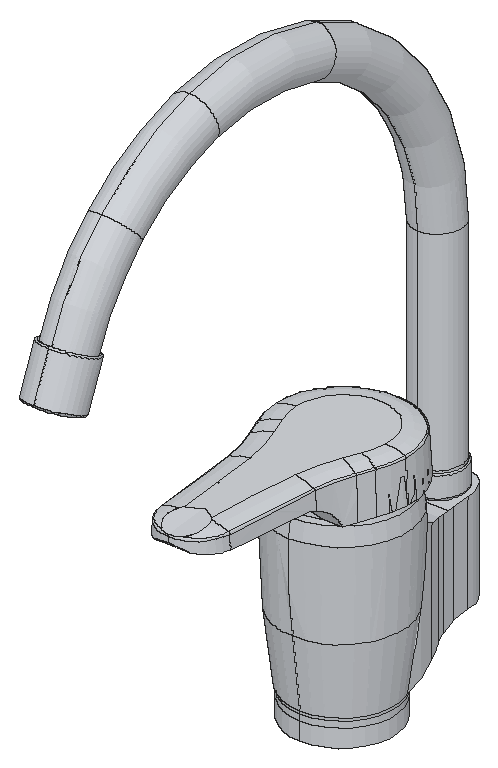
Revit family "Faucet-Kitchen-KOHLER-CANDIDE-K-668T_1", category Plumbing Fixtures, host Face, Revit 2017
Family settings
  Host = Face
  Round Connector Dimension = Use Diameter
  Part Type = Normal
  OmniClass Number = 23.31.11.00
  OmniClass Title = Faucets
  Cut with Voids When Loaded = No
  Shared = No
  Room Calculation Point = No
Parameters (values of type "CP-Polished Chrome")
  Width = 2 119/256"  # constant formula
  WaterSense Certified = 1 = 0  # no
  Waste Water Outlet = "Waste Water Outlet"  # constant formula
  Waste Connection = 1 = 0  # no
  Vent Connection = 1 = 0  # no
  URL = "http://www.kohler.com.cn/"
  Type = 1
  Spout Reach = 6 117/256"  # constant formula
  Product Page URL = "https://www.kohler.com.cn/product/K-668T-B-CP/K-668T-B-CP/"
  Product Name = "CANDIDE"  # constant formula
  Product Documentation Link = "https://files.kohler.com.cn/pdfs/k_668t_1.pdf"
  Pressure = 0.00 psi
  Model = "K-668T-B-CP"  # constant formula
  Material = "Premium Metal Construction"  # constant formula
  Master Format 2014 Name = "Residential Faucets, Supplies, and Trim"  # constant formula
  Master Format 2014 = "22 41 39"  # constant formula
  Manufacturer Address = "Kohler Beijing Office (100016) 36-2-03-B, No. 88, Liuxiang Road, Beijing"  # constant formula
  Manufacturer = "KOHLER Co."  # constant formula
  Length = Spout Reach  # 6 117/256"
  Hot Water Inlet = "Hot Water Inlet"  # constant formula
  Height = 11 167/256"  # constant formula
  Handle Clearance = 3 115/128"  # constant formula
  HW Connection = 1 = 1  # yes
  Flow Rate = 0 GPM
  Finish = Kohler-Metal-CP-Polished_Chrome
  Environmental Product Declaration = ""
  Drain Included = 1 = 0  # no
  Description = "Single lever kitchen faucet"  # constant formula
  Default Elevation = 36"
  Declare Label = ""
  Date Modified = "08/26/2020"  # constant formula
  Date Created = "08/26/2020"  # constant formula
  Copyright = "Copyright KOHLER Co."  # constant formula
  Contact Us = "http://www.kohler.com.cn/contact/contact-us/"
  Cold Water Inlet = "Cold Water Inlet"  # constant formula
  CW Connection = 1 = 1  # yes
  Assembly Code = "D2010"
  ADA Compliant = 1 = 0  # no
Reference planes (in)
  plane 1 "Center (Front/Back)": y = 0
  plane 2: z = 0
  plane 3 "Center (Left/Right)": x = 0
  plane 4: y = 2.7107192
  plane 5: y = -6.9523039
  plane 6: y = 1.2529744
  plane 7: y = -1.2529744
  plane 8: x = -1.2320713
  plane 9: x = 1.2327724
  plane 10: z = 11.6523437
  plane 11: z = 7.7952756
  plane 12: y = -6.4570313
  plane 13: y = 0.9130575
  plane 14: y = -0.9579793
  plane 15: z = 4.6703909
  plane 16: z = 3.8355063
  plane 17: y = -3.8984375
  plane 18: x = -0.9355469
  plane 19: x = 0.9355469
  plane 20: x = -0.4319135
  plane 21: x = 0.4319135
  plane 22: x = -0.4921081
  plane 23: x = 0.4921081
  plane 24: y = 2.5482999
  plane 25: y = 1.6821071
  plane 26: y = 2.5876289
  plane 27: y = 1.6427782
  plane 28: z = 3.1956456
Dimensions and locks (in)
  "Handle Clearance": plane 1 "Center (Front/Back)" to plane 17
  plane 11 to level = 7.79528"
  "Spout Reach": nested 1 to plane 12
  plane 15 to level = 4.67039"
  "Length": plane 12 to plane 1 "Center (Front/Back)"
  "Height": plane 10 to level
  locked: plane 18 to plane 19 at 1.8710937
  "Width": plane 8 to plane 9
  aligned and locked: plane 2 to host face
  aligned and locked: level to host face
Automatic sketch dimensions
  host sketch curve to host sketch curve = 96"  (x2)
Nested families (in)
  nested 1: "K-668T" at (0, 0, 0), type "K-668T"
Connectors (in)
  piping at (-0.4921081, 0, 0), diameter 0.5, driven by "Flow Rate", driven by "HW Connection", driven by "Hot Water Inlet"
    settings: on nested 1, index 1, connector inside diameter 24", connector length 0", flow factor 0, pipe flow 0 GPM, pressure drop 0.00 psi, fitting loss kfactor 0, connector angle 0.00°, fixture units 0, engagement length 0", angle of deflection 0.00°, flow configuration 0, flow direction 1, fitting loss method 0, system type 19, joint type 0, gender type 0, connector reference index -1, connector utility 1, adjustable connector no, is connector primary yes, connector description "Hot Water Inlet"
  piping at (0.4921081, 0, 0), diameter 0.5, driven by "Flow Rate", driven by "CW Connection", driven by "Cold Water Inlet"
    settings: on nested 1, index 2, connector inside diameter 24", connector length 0", flow factor 0, pipe flow 0 GPM, pressure drop 0.00 psi, fitting loss kfactor 0, connector angle 0.00°, fixture units 0, engagement length 0", angle of deflection 0.00°, flow configuration 0, flow direction 1, fitting loss method 0, system type 20, joint type 0, gender type 0, connector reference index -1, connector utility 1, adjustable connector no, is connector primary no, connector description "Cold Water Inlet"
Definition of nested family "K-668T"
  Parameters (values of type "K-668T")
    Material = none
  Reference planes (in)
    plane 1 "Center (Front/Back)": y = 0
    plane 2: z = 0
    plane 3 "Center (Left/Right)": x = 0
    plane 4: z = 11.6535433
    plane 5: y = -6.4566929
    plane 6: z = 4.6703909
    plane 7: z = 7.7952756
    plane 8: y = 2.7107192
    plane 9: y = 2.5876289
    plane 10: y = 2.5482999
    plane 11: y = 2.1249691
    plane 12: y = 1.2527038
    plane 13: x = -0.4330121
    plane 14: x = 0.4330121
    plane 15: y = -6.9511514
    plane 16: z = 8.8410068
    plane 17: z = 8.8015103
    plane 18: z = 8.0030821
    plane 19: z = 7.9523007
    plane 20: z = 7.6162777
    plane 21: z = 7.6670591
    plane 22: x = -0.4921081
    plane 23: x = 0.4921081
    plane 24: x = 0.9355125
    plane 25: x = -0.9355125
    plane 26: y = 1.6427782
    plane 27: y = 1.6821071
    plane 28: y = 0.9130575
    plane 29: y = -0.9599325
    plane 30: x = -1.2320713
    plane 31: x = 1.2330479
    plane 32: z = 3.8355063
    plane 33: y = -3.8975901
    plane 34: y = -1.2124824
    plane 35: z = 2.7822491
    plane 36: z = 3.1956456
    plane 37: z = 4.2976343
  Forms (in)
    Sweep 1, solid, material <- "Material", detail levels medium+fine
      path origin (0, -0.0170898, 0) x (0, 1, 0) y (0, 0, 1)
        loop
          line (1.7028033, 3.1423734) -> (1.7028033, 3.2350153) -> (1.7028033, 7.0303373)
          arc (1.7028033, 7.0303373) -> (1.0013905, 9.2082996) -> (-0.8392009, 10.5676093) r 3.73211
          arc (-0.8392009, 10.5676093) -> (-2.0100515, 10.7791332) -> (-3.1922794, 10.6450782) r 4.0941936
          arc (-3.1922794, 10.6450782) -> (-4.0500731, 10.3032866) -> (-4.8015604, 9.7667249) r 3.8425359
          arc (-4.8015604, 9.7667249) -> (-5.346136, 9.1375652) -> (-5.7302313, 8.3994085) r 3.5691785
      profile origin (0, 1.6857135, 5.1326763) x (0, -1, 0) y (1, 0, 0)
        loop
          circle (-0.4303468, 0) r 0.4319193
    Revolve 2, solid, material <- "Material", detail levels medium+fine
      sketch origin (0, -0.0112305, 0) x (0, 1, 0) y (0, 0, 1)
        loop
          line (-0.0112246, 0) -> (-0.0112246, 4.4687613)
          arc (-0.0112246, 4.4687613) -> (-0.6063344, 4.4304029) -> (-1.1933419, 4.3252876) r 5.2883805
          arc (-1.1933419, 4.3252876) -> (-1.2076676, 4.3165678) -> (-1.2141624, 4.3011057) r 0.0272183
          arc (-1.2141624, 4.3011057) -> (-1.2313399, 4.0684642) -> (-1.2434926, 3.8355063) r 10.8082384
          line (-1.2434926, 3.8355063) -> (-1.1152354, 3.8355063)
          arc (-1.1152354, 3.8355063) -> (-1.1337818, 3.7581188) -> (-1.1512948, 3.6804909) r 5.9687304
          arc (-1.1512948, 3.6804909) -> (-1.1789918, 3.5213025) -> (-1.1929271, 3.3603246) r 1.8813095
          arc (-1.1929271, 3.3603246) -> (-1.1913746, 2.5588582) -> (-1.1172649, 1.7608241) r 8.8431298
          arc (-1.1172649, 1.7608241) -> (-1.0339961, 1.1270506) -> (-0.9599811, 0.4921299) r 43.8202248
          arc (-0.9599811, 0.4921299) -> (-0.9572024, 0.4679914) -> (-0.9541414, 0.4438871) r 2.0758828
          arc (-0.9541414, 0.4438871) -> (-0.9482026, 0.3831854) -> (-0.9464803, 0.3222183) r 0.8805129
          arc (-0.9464803, 0.3222183) -> (-0.9470599, 0.1611095) -> (-0.9467371, 0) r 28.7657648
          line (-0.9467371, 0) -> (-0.0112246, 0)
        axis (-0.0112246, 4.4687613) -> (-0.0112246, 0)
      angle from 0 to 360
    Extrusion 3, solid, material <- "Material", detail levels medium+fine
      sketch origin (0, 0, 0) x (0, 1, 0) y (0, 0, 1)
        loop
          arc (1.6255648, 2.7773663) -> (1.2396003, 2.8300815) -> (0.8819079, 2.9843657) r 1.4393136
          arc (0.8819079, 2.9843657) -> (0.5724683, 3.1074563) -> (0.2398595, 3.1240547) r 1.0176236
          line (0.2398595, 3.1240547) -> (0.2398595, 0.4897253)
          arc (0.2398595, 0.4897253) -> (0.7447201, 0.6314228) -> (1.2382012, 0.8087327) r 7.3546461
          arc (1.2382012, 0.8087327) -> (1.7553335, 0.9513569) -> (2.2912023, 0.976096) r 2.4108211
          arc (2.2912023, 0.976096) -> (2.5881472, 1.0823687) -> (2.7135857, 1.3717392) r 0.3964897
          line (2.7135857, 1.3717392) -> (2.7135857, 2.0851998)
          arc (2.7135857, 2.0851998) -> (2.6865972, 2.2505587) -> (2.7135857, 2.4159177) r 0.5200737
          line (2.7135857, 2.4159177) -> (2.7135857, 2.7773663) -> (1.6255648, 2.7773663)
      from -0.8946167 to 0.905329
    Extrusion 4, void
      sketch origin (0, 0, 0) x (1, 0, 0) y (0, 1, 0)
        loop
          line (1.2971608, 2.7448357) -> (-1.2346608, 2.7448357) -> (-1.2346608, 0.0485046) -> (-0.8946167, 0.0485046)
          arc (-0.8946167, 0.0485046) -> (-0.8764955, 0.2950364) -> (-0.8848581, 0.5420919) r 2.3068631
          arc (-0.8848581, 0.5420919) -> (-0.875552, 0.7768835) -> (-0.8075216, 1.0017958) r 0.9271912
          arc (-0.8075216, 1.0017958) -> (-0.7637992, 1.0977088) -> (-0.7187516, 1.1930065) r 7.604568
          arc (-0.7187516, 1.1930065) -> (-0.68517, 1.2679642) -> (-0.6557305, 1.3446432) r 1.5040474
          arc (-0.6557305, 1.3446432) -> (-0.6060316, 1.5370921) -> (-0.5902211, 1.7352248) r 1.1497268
          arc (-0.5902211, 1.7352248) -> (-0.5866366, 1.8727031) -> (-0.5739968, 2.009646) r 2.0850071
          arc (-0.5739968, 2.009646) -> (-0.5541818, 2.1507411) -> (-0.5302838, 2.2912023) r 4.9130203
          arc (-0.5302838, 2.2912023) -> (-0.5016821, 2.3881549) -> (-0.4537038, 2.4771265) r 0.4875895
          arc (-0.4537038, 2.4771265) -> (-0.3322877, 2.6037307) -> (-0.1762236, 2.683821) r 0.5305236
          arc (-0.1762236, 2.683821) -> (0.0001688, 2.7111075) -> (0.1765004, 2.6834308) r 0.5796389
          arc (0.1765004, 2.6834308) -> (0.3322535, 2.6033244) -> (0.4537038, 2.4771265) r 0.5339129
          arc (0.4537038, 2.4771265) -> (0.5413708, 2.2947694) -> (0.5698945, 2.0944546) r 0.6623516
          arc (0.5698945, 2.0944546) -> (0.5729182, 1.9146047) -> (0.5862575, 1.7352248) r 3.1332639
          arc (0.5862575, 1.7352248) -> (0.6041062, 1.5939369) -> (0.6283564, 1.4536061) r 3.1332639
          arc (0.6283564, 1.4536061) -> (0.6483607, 1.3709742) -> (0.6754971, 1.2904024) r 0.9736597
          arc (0.6754971, 1.2904024) -> (0.7273457, 1.1545799) -> (0.7781407, 1.0183599) r 18.7678559
          arc (0.7781407, 1.0183599) -> (0.8672537, 0.678045) -> (0.8891283, 0.3269371) r 1.8172824
          arc (0.8891283, 0.3269371) -> (0.8907616, 0.1873445) -> (0.905329, 0.0485046) r 1.5042194
          line (0.905329, 0.0485046) -> (1.2971608, 0.0485046) -> (1.2971608, 2.7448357)
      from 0.4330709 to 3.2041795
    Revolve 5, solid, material <- "Material", detail levels medium+fine
      sketch origin (0, -0.0215187, -0.0001636) x (0, 1, 0) y (0, 0, 1)
        loop
          line (-6.1141515, 8.6070724) -> (-6.4313598, 7.8597765) -> (-6.1035276, 7.72062) -> (-6.122943, 7.6748802)
          arc (-6.122943, 7.6748802) -> (-6.123103, 7.656544) -> (-6.1102505, 7.6434652) r 0.0239583
          line (-6.1102505, 7.6434652) -> (-6.026152, 7.6077676)
          arc (-6.026152, 7.6077676) -> (-6.0103391, 7.6076296) -> (-5.9990601, 7.6187134) r 0.0206614
          line (-5.9990601, 7.6187134) -> (-5.6689998, 8.3962868)
          arc (-5.6689998, 8.3962868) -> (-5.6688656, 8.4116659) -> (-5.6796454, 8.4226355) r 0.0200946
          line (-5.6796454, 8.4226355) -> (-6.1141515, 8.6070724)
        axis (-6.4601364, 7.791983) -> (-6.1141515, 8.6070724)
      angle from 0 to 360
    Extrusion 6, void
      sketch origin (0, 0, 0) x (1, 0, 0) y (0, 0, 1)
        loop
          circle (0.0045023, 2.2120603) r 0.1651425
      from -2.7442453 to -2.6212152
    Sweep 7, solid, material <- "Material", detail levels medium+fine
      path origin (0, 0, 0) x (1, 0, 0) y (0, 1, 0)
        loop
          arc (0.7603187, -1.5947352) -> (0.8285612, -1.2404186) -> (0.9409831, -0.8975504) r 2.8527827
          arc (0.9409831, -0.8975504) -> (1.0004101, -0.7469901) -> (1.0585732, -0.5959371) r 19.3142825
          arc (1.0585732, -0.5959371) -> (1.1350286, -0.3436037) -> (1.1759608, -0.0831385) r 1.9076238
          arc (1.1759608, -0.0831385) -> (0.034037, 1.1994076) -> (-1.1807002, -0.0143997) r 1.1807867
          arc (-1.1807002, -0.0143997) -> (-1.1491777, -0.294346) -> (-1.0714322, -0.5651211) r 1.684139
          arc (-1.0714322, -0.5651211) -> (-1.0074211, -0.7315799) -> (-0.9421544, -0.8975504) r 23.6085344
          arc (-0.9421544, -0.8975504) -> (-0.8300264, -1.2404948) -> (-0.76149, -1.5947352) r 2.8909457
          arc (-0.76149, -1.5947352) -> (-0.6661577, -2.4501829) -> (-0.6011364, -3.3084667) r 24.3361922
          arc (-0.6011364, -3.3084667) -> (-0.416368, -3.7086493) -> (-0.0085214, -3.8758218) r 0.6022868
          arc (-0.0085214, -3.8758218) -> (0.4103488, -3.7145942) -> (0.6014167, -3.3084667) r 0.6022868
          arc (0.6014167, -3.3084667) -> (0.6660721, -2.4502291) -> (0.7603187, -1.5947352) r 24.9258612
      profile origin (0.034037, 1.1994076, 0) x (0.029155, 0.999575, 0) y (0, 0, 1)
        loop
          arc (0.0504039, 3.8355063) -> (0.0390869, 4.2024025) -> (0.0143094, 4.5686359) r 9.9978913
          arc (0.0143094, 4.5686359) -> (0.0074172, 4.5870609) -> (-0.0080173, 4.5992577) r 0.0366057
          arc (-0.0080173, 4.5992577) -> (-0.1807502, 4.6522241) -> (-0.3605336, 4.6701134) r 0.9123347
          line (-0.3605336, 4.6701134) -> (-0.4790338, 4.6701134) -> (-0.4790338, 3.8355063) -> (0.0504039, 3.8355063)
    Extrusion 8, solid, material <- "Material", detail levels medium+fine
      sketch origin (0, 0, 0) x (1, 0, 0) y (0, 1, 0)
        loop
          arc (0.6987268, -0.041652) -> (0.0200705, 0.7205775) -> (-0.7018595, -0.0007999) r 0.7017529
          arc (-0.7018595, -0.0007999) -> (-0.6793032, -0.2011187) -> (-0.6236715, -0.394875) r 1.2051052
          arc (-0.6236715, -0.394875) -> (-0.5609592, -0.5579562) -> (-0.4970168, -0.7205591) r 23.1295006
          arc (-0.4970168, -0.7205591) -> (-0.3663091, -1.1203298) -> (-0.2864161, -1.5332684) r 3.3699795
          arc (-0.2864161, -1.5332684) -> (-0.1892072, -2.4055547) -> (-0.1229061, -3.280733) r 24.815226
          arc (-0.1229061, -3.280733) -> (-0.0850947, -3.362627) -> (-0.0016323, -3.3968375) r 0.123253
          arc (-0.0016323, -3.3968375) -> (0.084086, -3.3638436) -> (0.1231864, -3.280733) r 0.123253
          arc (0.1231864, -3.280733) -> (0.1890844, -2.4060014) -> (0.2851423, -1.5340664) r 25.404895
          arc (0.2851423, -1.5340664) -> (0.3648438, -1.1202536) -> (0.4961434, -0.7198117) r 3.3318165
          arc (0.4961434, -0.7198117) -> (0.5540965, -0.5729856) -> (0.6108171, -0.425679) r 18.8352487
          arc (0.6108171, -0.425679) -> (0.6680733, -0.2367104) -> (0.6987268, -0.041652) r 1.42859
      from 3.8355063 to 4.6701134
    Extrusion 9, void
      sketch origin (0, 0, 0) x (0, 1, 0) y (0, 0, 1)
        loop
          line (-1.8588169, 4.2976545) -> (-2.5079346, 4.2976545)
          arc (-2.5079346, 4.2976545) -> (-3.1367205, 4.3178008) -> (-3.762927, 4.378157) r 9.8226022
          arc (-3.762927, 4.378157) -> (-3.8704462, 4.4353389) -> (-3.9134223, 4.5492828) r 0.1725399
          line (-3.9134223, 4.5492828) -> (-3.9134223, 4.8407307) -> (-4.18179, 4.8407307) -> (-4.18179, 3.7694499) -> (-1.1053543, 3.7694499)
          arc (-1.1053543, 3.7694499) -> (-1.3987337, 4.1524503) -> (-1.8588169, 4.2976545) r 0.8014944
      from -1.3230684 to 1.3433175
    Extrusion 10, void
      sketch origin (0, 0, 0) x (1, 0, 0) y (0, 0, 1)
        loop
          circle (0.0003126, 4.1192439) r 0.1701332
      from 1.1511372 to 1.7663584
    Revolve 11, solid, material <- "Material", detail levels medium+fine
      sketch origin (0, 0, 0) x (0, 1, 0) y (0, 0, 1)
        loop
          line (-1.1975537, 4.131133) -> (-1.2153595, 4.2761499) -> (-1.3423329, 4.2605596)
          arc (-1.3423329, 4.2605596) -> (-1.3854168, 4.1897163) -> (-1.3929393, 4.1071427) r 0.1835972
          line (-1.3929393, 4.1071427) -> (-1.1975537, 4.131133)
        axis (-1.3929393, 4.1071427) -> (-1.1975537, 4.131133)
      angle from 0 to 360
    Revolve 12, solid, material <- "Material", detail levels medium+fine
      sketch origin (0, 0, 0) x (0, 1, 0) y (0, 0, 1)
        loop
          line (2.1152549, 3.1956539) -> (2.1152549, 2.7765539) -> (2.5594709, 2.7765539)
          arc (2.5594709, 2.7765539) -> (2.5787436, 2.7845369) -> (2.5867267, 2.8038097) r 0.0272558
          line (2.5867267, 2.8038097) -> (2.5867267, 3.1759853)
          arc (2.5867267, 3.1759853) -> (2.5809659, 3.1898931) -> (2.5670581, 3.1956539) r 0.0196686
          line (2.5670581, 3.1956539) -> (2.1152549, 3.1956539)
        axis (2.1152549, 2.7765539) -> (2.1152549, 3.1956539)
      angle from 0 to 360
    Extrusion 13, solid, material <- "Material", detail levels medium+fine
      sketch origin (0, 0, 0) x (1, 0, 0) y (0, 1, 0)
        loop
          circle (-0.4921081, 0) r 0.25
        loop
          circle (0.4921081, 0) r 0.25
      from 0 to 0.2313432
    Extrusion 14, solid, material <- "Material", detail levels coarse
      sketch origin (0, 0, 0) x (1, 0, 0) y (0, 1, 0)
        loop
          circle (-0.0141216, 0.0061511) r 1.5
      from 0 to 4.658918
    Extrusion 15, solid, material <- "Material", detail levels coarse
      sketch origin (0, 0, 0) x (1, 0, 0) y (0, 1, 0)
        loop
          line (0.9114295, -1.1326753) -> (-0.9114295, -1.1326753) -> (-0.6296172, -3.3393131)
          arc (-0.6296172, -3.3393131) -> (0, -3.8936349) -> (0.6296172, -3.3393131) r 0.634731
          line (0.6296172, -3.3393131) -> (0.9114295, -1.1326753)
      from 4.2976545 to 4.658918
    Extrusion 16, solid, material <- "Material", detail levels coarse
      sketch origin (0, 0, 0) x (1, 0, 0) y (0, 1, 0)
        loop
          line (-0.8005033, 1.039284) -> (0.8455326, 1.039284) -> (0.8455326, 2.789284) -> (-0.8005033, 2.789284) -> (-0.8005033, 1.039284)
      from 0.6026197 to 3.1423734
    Sweep 17, solid, material <- "Material", detail levels coarse
      path origin (0, 0.0835886, -0.0275339) x (0, 1, 0) y (0, 0, 1)
        loop
          line (1.539284, 3.1423734) -> (1.539284, 7.0485534)
          arc (1.539284, 7.0485534) -> (-1.6683346, 10.7591224) -> (-5.8038213, 8.12191) r 3.75
          line (-5.8038213, 8.12191) -> (-5.9770755, 7.5419344)
      profile origin (0, 1.6228726, 5.0679295) x (0, -1, 0) y (1, 0, 0)
        loop
          circle (-0.5864914, 0.0082058) r 0.5609206
    Extrusion 18, void
      sketch origin (0, 0.4670427, 0.4112679) x (1, 0, 0) y (0, -0.104528, 0.994522)
        loop
          arc (-0.5932286, 4.6900214) -> (-0.0082517, 4.608181) -> (0.5767252, 4.6900214) r 2.1315611
          line (0.5767252, 4.6900214) -> (-0.5932286, 4.6900214)
      from 2.8012674 to 4.0080283
  Cuts and joins
    Extrusion 9, Extrusion 10, Extrusion 18 cuts Sweep 7
    Extrusion 9, Extrusion 10, Extrusion 18 cuts Extrusion 8
    joined: Sweep 7, Extrusion 8, Revolve 12
    Extrusion 4, Extrusion 6 cuts Extrusion 3
    joined: Sweep 1, Revolve 2, Extrusion 3, Revolve 5, Revolve 11, Extrusion 13
    joined: Extrusion 14, Extrusion 15, Extrusion 16, Sweep 17
  Lines and regions (in)
    Masking region 1
      outline origin (0, 0, 0) x (1, 0, 0) y (0, 1, 0)
        loop
          arc (-0.5064357, 2.3737068) -> (-0.5455639, 2.2505473) -> (-0.5649466, 2.1227836) r 0.8236297
          arc (-0.5649466, 2.1227836) -> (-0.5777665, 1.9234059) -> (-0.5874671, 1.7238521) r 12.7761709
          line (-0.5874671, 1.7238521) -> (-0.6244624, 1.4806849)
          arc (-0.6244624, 1.4806849) -> (-0.7367699, 1.164044) -> (-0.894888, 0.8676099) r 2.2543669
          arc (-0.894888, 0.8676099) -> (-1.2141856, 0.1903304) -> (-1.1230967, -0.5528796) r 1.3488756
          arc (-1.1230967, -0.5528796) -> (-0.9270422, -1.0834663) -> (-0.7841224, -1.630763) r 5.7443101
          line (-0.7841224, -1.630763) -> (-0.6258005, -3.359859)
          arc (-0.6258005, -3.359859) -> (-0.5658827, -3.563234) -> (-0.4330764, -3.7285035) r 0.5465354
          line (-0.4330764, -3.7285035) -> (-0.4330764, -5.9021085)
          arc (-0.4330764, -5.9021085) -> (-0.4773411, -6.0142113) -> (-0.49241, -6.1337912) r 0.4819975
          line (-0.49241, -6.1337912) -> (-0.49241, -6.4582533)
          arc (-0.49241, -6.4582533) -> (0.022927, -6.9511514) -> (0.49241, -6.4143959) r 0.4933866
          line (0.49241, -6.4143959) -> (0.49241, -6.1337912)
          arc (0.49241, -6.1337912) -> (0.4773411, -6.0142113) -> (0.4330764, -5.9021085) r 0.4819975
          line (0.4330764, -5.9021085) -> (0.4330764, -3.7285035)
          arc (0.4330764, -3.7285035) -> (0.5658827, -3.563234) -> (0.6258005, -3.359859) r 0.5465354
          line (0.6258005, -3.359859) -> (0.7841224, -1.630763)
          arc (0.7841224, -1.630763) -> (0.9270422, -1.0834663) -> (1.1230967, -0.5528796) r 5.7443101
          arc (1.1230967, -0.5528796) -> (1.2141856, 0.1903304) -> (0.894888, 0.8676099) r 1.3488756
          arc (0.894888, 0.8676099) -> (0.744727, 1.1462141) -> (0.635063, 1.443102) r 2.2543669
          line (0.635063, 1.443102) -> (0.5923499, 1.7238521)
          arc (0.5923499, 1.7238521) -> (0.5826493, 1.9234059) -> (0.5698294, 2.1227836) r 12.7761709
          arc (0.5698294, 2.1227836) -> (0.5469732, 2.2648633) -> (0.4997363, 2.4007961) r 0.8236297
          arc (0.4997363, 2.4007961) -> (-0.0122018, 2.7160426) -> (-0.5064357, 2.3737068) r 0.5494826
    Masking region 2
      outline origin (0, 0, 0) x (0, 1, 0) y (0, 0, 1)
        loop
          line (0.9128865, 0) -> (0.9128865, 0.3937021)
          arc (0.9128865, 0.3937021) -> (0.9775934, 0.5833037) -> (1.1146236, 0.729449) r 0.4756834
          arc (1.1146236, 0.729449) -> (1.2460311, 0.80645) -> (1.3875113, 0.8628453) r 1.0113871
          arc (1.3875113, 0.8628453) -> (1.5511745, 0.9056043) -> (1.7182036, 0.9323486) r 1.7485333
          arc (1.7182036, 0.9323486) -> (1.966258, 0.9647806) -> (2.216014, 0.9790906) r 3.4382971
          arc (2.216014, 0.9790906) -> (2.2790944, 0.9805409) -> (2.3421681, 0.9822612) r 14.7367098
          arc (2.3421681, 0.9822612) -> (2.6033865, 1.0972751) -> (2.7106694, 1.3617625) r 0.3796654
          line (2.7106694, 1.3617625) -> (2.7106694, 2.0460401)
          arc (2.7106694, 2.0460401) -> (2.6843998, 2.2115093) -> (2.7106694, 2.3769784) r 0.5342712
          line (2.7106694, 2.3769784) -> (2.7106694, 2.7821059) -> (2.5876802, 2.7821059) -> (2.5876802, 3.1655678)
          arc (2.5876802, 3.1655678) -> (2.5864786, 3.1814987) -> (2.5790555, 3.1956456) r 0.0394361
          line (2.5790555, 3.1956456) -> (2.5483293, 3.1956456) -> (2.5483293, 6.9304684)
          arc (2.5483293, 6.9304684) -> (1.277667, 10.2049828) -> (-1.9259176, 11.6451468) r 4.6296679
          arc (-1.9259176, 11.6451468) -> (-4.6837143, 10.9416008) -> (-6.52712, 8.7731278) r 4.6907774
          line (-6.52712, 8.7731278) -> (-6.5695783, 8.7911503)
          arc (-6.5695783, 8.7911503) -> (-6.5851145, 8.7912859) -> (-6.5961961, 8.780396) r 0.0202997
          line (-6.5961961, 8.780396) -> (-6.9267207, 8.0017289)
          arc (-6.9267207, 8.0017289) -> (-6.9268517, 7.9867176) -> (-6.9163297, 7.9760104) r 0.0196139
          line (-6.9163297, 7.9760104) -> (-6.8443686, 7.9454648)
          arc (-6.8443686, 7.9454648) -> (-6.8170433, 7.9274925) -> (-6.7877596, 7.9129275) r 0.2721776
          line (-6.7877596, 7.9129275) -> (-6.1788973, 7.6544808)
          arc (-6.1788973, 7.6544808) -> (-6.148078, 7.6435335) -> (-6.116168, 7.6363619) r 0.2721776
          line (-6.116168, 7.6363619) -> (-6.0464498, 7.6067683)
          arc (-6.0464498, 7.6067683) -> (-6.0314386, 7.6066373) -> (-6.0207314, 7.6171592) r 0.0196139
          line (-6.0207314, 7.6171592) -> (-5.6902068, 8.3958264)
          arc (-5.6902068, 8.3958264) -> (-5.6900601, 8.4113349) -> (-5.7009062, 8.4224208) r 0.0202997
          line (-5.7009062, 8.4224208) -> (-5.7332107, 8.4362453)
          arc (-5.7332107, 8.4362453) -> (-4.3115211, 10.1566627) -> (-2.1751318, 10.8023239) r 3.8591867
          arc (-2.1751318, 10.8023239) -> (0.553459, 9.6724559) -> (1.6837269, 6.9440306) r 3.8582933
          line (1.6837269, 6.9440306) -> (1.6837269, 3.1956456) -> (1.6514586, 3.1956456)
          arc (1.6514586, 3.1956456) -> (1.6440356, 3.1814987) -> (1.642834, 3.1655678) r 0.0394361
          line (1.642834, 3.1655678) -> (1.642834, 2.7822738) -> (1.5520946, 2.7822738)
          arc (1.5520946, 2.7822738) -> (1.2806687, 2.8916752) -> (1.1609747, 3.1587221) r 0.3914059
          arc (1.1609747, 3.1587221) -> (1.1377458, 3.5001548) -> (1.0680227, 3.835199) r 2.4954806
          line (1.0680227, 3.835199) -> (1.2535944, 3.835199)
          arc (1.2535944, 3.835199) -> (1.2416672, 4.1839963) -> (1.2173212, 4.5321473) r 9.7945216
          arc (1.2173212, 4.5321473) -> (1.1981722, 4.5818128) -> (1.1555434, 4.6136896) r 0.0961843
          arc (1.1555434, 4.6136896) -> (1.003384, 4.6560116) -> (0.8460938, 4.6702741) r 0.8744529
          line (0.8460938, 4.6702741) -> (-3.5407953, 4.6702741)
          arc (-3.5407953, 4.6702741) -> (-3.7068804, 4.6522718) -> (-3.865251, 4.5991013) r 0.7751352
          arc (-3.865251, 4.5991013) -> (-3.8837473, 4.5835487) -> (-3.89174, 4.5607427) r 0.0457508
          line (-3.89174, 4.5607427) -> (-3.8975901, 4.4770837)
          arc (-3.8975901, 4.4770837) -> (-3.842903, 4.4102098) -> (-3.7626941, 4.3781268) r 0.172957
          arc (-3.7626941, 4.3781268) -> (-3.1367205, 4.3178008) -> (-2.5079346, 4.2976545) r 9.8226022
          line (-2.5079346, 4.2976545) -> (-1.8588169, 4.2976545)
          arc (-1.8588169, 4.2976545) -> (-1.6144641, 4.2594982) -> (-1.3933768, 4.1486621) r 0.8014944
          arc (-1.3933768, 4.1486621) -> (-1.3751373, 4.0460162) -> (-1.3046064, 3.9692422) r 0.1862971
          line (-1.3046064, 3.9692422) -> (-1.2905501, 3.8355063) -> (-1.1264658, 3.8355063)
          arc (-1.1264658, 3.8355063) -> (-1.1450123, 3.7581188) -> (-1.1625253, 3.6804909) r 5.9687304
          arc (-1.1625253, 3.6804909) -> (-1.1902223, 3.5213025) -> (-1.2041576, 3.3603246) r 1.8813095
          arc (-1.2041576, 3.3603246) -> (-1.2026051, 2.5588582) -> (-1.1284954, 1.7608241) r 8.8431298
          arc (-1.1284954, 1.7608241) -> (-1.0452266, 1.1270506) -> (-0.9712115, 0.4921299) r 43.8202248
          arc (-0.9712115, 0.4921299) -> (-0.9651864, 0.4424955) -> (-0.9579676, 0.3930206) r 2.0758828
          line (-0.9579676, 0.3930206) -> (-0.9579676, 0) -> (0.9128865, 0)
    Masking region 3
      outline origin (0, 0, 0) x (1, 0, 0) y (0, 0, 1)
        loop
          line (0.9355125, 0) -> (0.9355125, 0.3930206)
          arc (0.9355125, 0.3930206) -> (1.0492921, 1.1744546) -> (1.1297329, 1.9600207) r 18.5624752
          arc (1.1297329, 1.9600207) -> (1.1808139, 2.5607192) -> (1.1879189, 3.1635438) r 8.2550427
          arc (1.1879189, 3.1635438) -> (1.1695346, 3.5024682) -> (1.1040108, 3.8355063) r 2.4251432
          line (1.1040108, 3.8355063) -> (1.2318702, 3.8355063)
          arc (1.2318702, 3.8355063) -> (1.2201333, 4.2019897) -> (1.1950441, 4.5678016) r 10.0565539
          arc (1.1950441, 4.5678016) -> (1.1877305, 4.5870974) -> (1.1713951, 4.5997058) r 0.0379175
          arc (1.1713951, 4.5997058) -> (0.9679927, 4.6571744) -> (0.7570413, 4.6703909) r 0.9951873
          line (0.7570413, 4.6703909) -> (0.4330398, 4.6703909) -> (0.4330398, 7.7172181)
          arc (0.4330398, 7.7172181) -> (0.4453723, 7.7272015) -> (0.4568993, 7.7381051) r 0.2058426
          arc (0.4568993, 7.7381051) -> (0.4820878, 7.7708389) -> (0.4921081, 7.8109083) r 0.1012513
          line (0.4921081, 7.8109083) -> (0.4921081, 8.5957662)
          arc (0.4921081, 8.5957662) -> (0.4907307, 8.6151547) -> (0.4853938, 8.6338451) r 0.0939693
          arc (0.4853938, 8.6338451) -> (0.4634582, 8.6676453) -> (0.4330398, 8.6940715) r 0.1444538
          line (0.4330398, 8.6940715) -> (0.4330398, 11.2209973)
          arc (0.4330398, 11.2209973) -> (0, 11.6540371) -> (-0.4330398, 11.2209973) r 0.4330398
          line (-0.4330398, 11.2209973) -> (-0.4330398, 8.6940715)
          arc (-0.4330398, 8.6940715) -> (-0.4634582, 8.6676453) -> (-0.4853938, 8.6338451) r 0.1444538
          arc (-0.4853938, 8.6338451) -> (-0.4907307, 8.6151547) -> (-0.4921081, 8.5957662) r 0.0939693
          line (-0.4921081, 8.5957662) -> (-0.4921081, 7.8109083)
          arc (-0.4921081, 7.8109083) -> (-0.4820878, 7.7708389) -> (-0.4568993, 7.7381051) r 0.1012513
          arc (-0.4568993, 7.7381051) -> (-0.4453723, 7.7272015) -> (-0.4330398, 7.7172181) r 0.2058426
          line (-0.4330398, 7.7172181) -> (-0.4330398, 4.6703909) -> (-0.7570413, 4.6703909)
          arc (-0.7570413, 4.6703909) -> (-0.9679927, 4.6571744) -> (-1.1713951, 4.5997058) r 0.9951873
          arc (-1.1713951, 4.5997058) -> (-1.1877305, 4.5870974) -> (-1.1950441, 4.5678016) r 0.0379175
          arc (-1.1950441, 4.5678016) -> (-1.2201333, 4.2019897) -> (-1.2318702, 3.8355063) r 10.0565539
          line (-1.2318702, 3.8355063) -> (-1.1040108, 3.8355063)
          arc (-1.1040108, 3.8355063) -> (-1.1695346, 3.5024682) -> (-1.1879189, 3.1635438) r 2.4251432
          arc (-1.1879189, 3.1635438) -> (-1.1808139, 2.5607192) -> (-1.1297329, 1.9600207) r 8.2550427
          arc (-1.1297329, 1.9600207) -> (-1.0492921, 1.1744546) -> (-0.9355125, 0.3930206) r 18.5624752
          line (-0.9355125, 0.3930206) -> (-0.9355125, 0) -> (0.9355125, 0)
    symbolic lines, detail levels medium+fine
      curve 1: arc (-0.4330121, 1.7391656, 0) -> (-0.5203204, 1.8626664, 0) -> (-0.5729918, 2.004444, 0) r 0.5840977
      curve 2: line (-0.4319135, -6.1019421, 0) -> (-0.4319135, -5.9074783, 0)
      curve 3: arc (-0.4330121, 1.9365317, 0) -> (-0.4719024, 2.1125185, 0) -> (-0.4423052, 2.2903044, 0) r 0.4741389
      curve 4: line (0.4319135, -6.1019421, 0) -> (0.4319135, -5.9042615, 0)
      curve 5: arc (0.43289, 1.9255079, 0) -> (0.1803443, 2.5518702, 0) -> (-0.4423052, 2.2903044, 0) r 0.4741389
      curve 6: arc (-0.4330121, 2.1152497, 0) -> (-0.000061, 2.5482007, 0) -> (0.43289, 2.1152497, 0) r 0.4329511
      curve 7: arc (-0.4330121, -1.1775456, 0) -> (-0.8322341, -0.940869, 0) -> (-1.1154741, -0.5732155, 0) r 1.2311906
      curve 8: arc (0.4319135, -6.1019421, 0) -> (0, -6.5338556, 0) -> (-0.4319135, -6.1019421, 0) r 0.4319135
      curve 9: arc (0.43289, 1.7390333, 0) -> (0.5202784, 1.8625868, 0) -> (0.5729918, 2.004444, 0) r 0.5840977
      curve 10: arc (-0.4330121, 1.1742429, 0) -> (-0.6814929, 1.0471998, 0) -> (-0.894979, 0.8674601, 0) r 1.2311906
      curve 11: arc (-0.4330121, -3.7047727, 0) -> (-0.5419186, -3.5460274, 0) -> (-0.5964752, -3.3614082, 0) r 0.6156834
      curve 12: line (-0.5964752, -3.3614082, 0) -> (-0.7526117, -1.5767599, 0)
      curve 13: arc (-0.7526117, -1.5767599, 0) -> (-0.8273661, -1.1717327, 0) -> (-0.977457, -0.7881862, 0) r 2.1653987
      curve 14: line (-0.4330121, -3.678814, 0) -> (-0.4588591, -3.652967, 0)
      curve 15: line (-0.4588591, -3.652967, 0) -> (-0.6667752, -1.5735414, 0)
      curve 16: arc (-0.6667752, -1.5735414, 0) -> (-0.7374918, -1.2259583, 0) -> (-0.8765428, -0.8996462, 0) r 1.7579638
      curve 17: arc (0.43289, -1.1775896, 0) -> (0.8315877, -0.9414409, 0) -> (1.1147548, -0.5746406, 0) r 1.2311906
      curve 18: arc (0.43289, 1.1742887, 0) -> (0.6814386, 1.0472359, 0) -> (0.894979, 0.8674601, 0) r 1.2311906
      curve 19: arc (0.43289, -3.7049015, 0) -> (0.5418804, -3.5461075, 0) -> (0.5964752, -3.3614082, 0) r 0.6156834
      curve 20: line (0.5964752, -3.3614082, 0) -> (0.7526117, -1.5767599, 0)
      curve 21: arc (0.7526117, -1.5767599, 0) -> (0.8273661, -1.1717327, 0) -> (0.977457, -0.7881862, 0) r 2.1653987
      curve 22: line (0.43289, -3.6789361, 0) -> (0.4588591, -3.652967, 0)
      curve 23: line (0.4588591, -3.652967, 0) -> (0.6667752, -1.5735414, 0)
      curve 24: arc (0.6667752, -1.5735414, 0) -> (0.7374918, -1.2259583, 0) -> (0.8765428, -0.8996462, 0) r 1.7579638
      curve 25: line (0, -6.9023912, 8.0590454) -> (0, -5.996402, 7.6744757)
      curve 26: line (0, -1.1129618, 3.8355063) -> (0, 1.0815557, 3.8355063)
      curve 27: line (0, 2.5859658, 2.7822491) -> (0, 1.6427782, 2.7822491)
      curve 28: line (0, 1.6821849, 3.1956456) -> (0, 2.5483293, 3.1956456)
      curve 29: circle (0, 0, 4.1152202) r 0.1762202 normal (0, -1, 0)
      curve 30: circle (0, 0, 4.1157279) r 0.1483695 normal (0, -1, 0)
      curve 31: line (-1.1040108, 0, 3.8355063) -> (1.1040108, 0, 3.8355063)
      curve 32: line (-0.4330398, 0, 4.6703909) -> (0.4330398, 0, 4.6703909)
      curve 33: arc (-0.2759495, 0, 8.7620487) -> (-0.0075394, 0, 8.7948762) -> (0.2612568, 0, 8.7653763) r 1.1731619
      curve 34: arc (-0.3823942, 0, 8.7236456) -> (-0.3302198, 0, 8.7457518) -> (-0.2759495, 0, 8.7620487) r 0.5199134
      curve 35: arc (-0.4454806, 0, 8.6844238) -> (-0.4151079, 0, 8.7059174) -> (-0.3823942, 0, 8.7236456) r 0.31225
      curve 36: arc (0.3823942, 0, 8.7236456) -> (0.3231159, 0, 8.7482567) -> (0.2612568, 0, 8.7653763) r 0.5199134
      curve 37: arc (0.4454806, 0, 8.6844238) -> (0.4151079, 0, 8.7059174) -> (0.3823942, 0, 8.7236456) r 0.31225
      curve 38: arc (-0.1817643, 0, 7.9870527) -> (-0.0150538, 0, 8.0029767) -> (0.1520432, 0, 7.9918154) r 1.0353573
      curve 39: arc (0.1520432, 0, 7.9918154) -> (0.2594993, 0, 7.9731087) -> (0.3630045, 0, 7.9387078) r 0.7351
      curve 40: arc (0.3630045, 0, 7.9387078) -> (0.4059906, 0, 7.9173801) -> (0.445826, 0, 7.8906253) r 0.3669323
      curve 41: arc (0.445826, 0, 7.8906253) -> (0.4699231, 0, 7.8662562) -> (0.4866988, 0, 7.8363714) r 0.1281305
      curve 42: arc (0.4866988, 0, 7.8363714) -> (0.4907543, 0, 7.8215481) -> (0.4914671, 0, 7.8061965) r 0.0697908
      curve 43: arc (-0.1537433, 0, 7.991646) -> (-0.2603276, 0, 7.9728996) -> (-0.3630045, 0, 7.9387078) r 0.7351
      curve 44: arc (-0.3630045, 0, 7.9387078) -> (-0.4059906, 0, 7.9173801) -> (-0.445826, 0, 7.8906253) r 0.3669323
      curve 45: arc (-0.445826, 0, 7.8906253) -> (-0.4604103, 0, 7.8774796) -> (-0.4728149, 0, 7.86226) r 0.1281305
      curve 46: arc (-0.4728149, 0, 7.86226) -> (-0.4864452, 0, 7.835563) -> (-0.4924554, 0, 7.8061965) r 0.111282
      curve 47: arc (-0.1187335, 0, 7.6229449) -> (0.0618363, 0, 7.6180121) -> (0.2405153, 0, 7.644538) r 1.0353573
      curve 48: arc (0.2405153, 0, 7.644538) -> (0.3393291, 0, 7.6740548) -> (0.4330398, 0, 7.7171098) r 0.7351
      curve 49: arc (-0.1187335, 0, 7.6229449) -> (-0.243256, 0, 7.6402738) -> (-0.3630045, 0, 7.6785681) r 0.7351
      curve 50: arc (-0.3630045, 0, 7.6785681) -> (-0.3990788, 0, 7.6959824) -> (-0.4330398, 0, 7.7172253) r 0.3669323
      curve 51: line (-0.4330121, -3.8975901, 0) -> (-0.4330121, 2.1152497, 0)
      curve 52: line (0.43289, -3.7294776, 0) -> (0.43289, 2.1152497, 0)
      curve 53: line (0, -5.7332107, 8.4362453) -> (0, -6.5275224, 8.7734106)
      curve 54: arc (-1.1713951, 0, 4.5997058) -> (-0.9840162, 0, 4.6153737) -> (-0.7966373, 0, 4.5997058) r 1.1283052
      curve 55: arc (1.1713951, 0, 4.5997058) -> (0.9840162, 0, 4.6153737) -> (0.7966373, 0, 4.5997058) r 1.1283052
      curve 56: arc (-0.49241, -6.1887313, 0) -> (-0.0008612, -6.6019414, 0) -> (0.4921081, -6.190427, 0) r 0.5
      curve 57: arc (-0.7966373, 0, 4.5997058) -> (-0.6880739, 0, 4.5886296) -> (-0.5789918, 0, 4.5917575) r 0.8378352
      curve 58: arc (0.7966373, 0, 4.5997058) -> (0.6880739, 0, 4.5886296) -> (0.5789918, 0, 4.5917575) r 0.8378352
      curve 59: arc (-0.5789918, 0, 4.5917575) -> (0, 0, 4.582497) -> (0.5789918, 0, 4.5917575) r 18.104604
      curve 60: line (-0.3985236, 0, 4.3781562) -> (-0.0088344, 0, 4.4770837)
      curve 61: spline (-0.6324758, 0, 4.3312211) -> (-0.6277442, 0, 4.3351556) -> (-0.6201163, 0, 4.3391473) -> (-0.6096272, 0, 4.3431778) -> (-0.596325, 0, 4.3472287) -> (-0.5802709, 0, 4.3512813) -> (-0.5615385, 0, 4.3553171) -> (-0.5402138, 0, 4.3593175) -> (-0.5163949, 0, 4.3632642) -> (-0.4901909, 0, 4.3671389) -> (-0.4617222, 0, 4.370924) -> (-0.4311196, 0, 4.3746021) -> (-0.3985236, 0, 4.3781562)
      curve 62: spline (-0.6949059, 0, 4.2976545) -> (-0.6888214, 0, 4.2978838) -> (-0.6828962, 0, 4.2985803) -> (-0.6771308, 0, 4.299744) -> (-0.6715253, 0, 4.3013748) -> (-0.6660802, 0, 4.3034725) -> (-0.6607956, 0, 4.3060372) -> (-0.6556719, 0, 4.3090687) -> (-0.6507094, 0, 4.3125668) -> (-0.6459083, 0, 4.3165313) -> (-0.6412688, 0, 4.320962) -> (-0.6367913, 0, 4.3258587) -> (-0.6324758, 0, 4.3312211)
      curve 63: spline (-0.7973136, 0, 4.2551153) -> (-0.7942761, 0, 4.2618593) -> (-0.7912631, 0, 4.2680335) -> (-0.7882767, 0, 4.2736336) -> (-0.7853192, 0, 4.2786552) -> (-0.7823926, 0, 4.2830948) -> (-0.7794993, 0, 4.2869491) -> (-0.7766412, 0, 4.2902152) -> (-0.7738205, 0, 4.2928907) -> (-0.7710393, 0, 4.2949737) -> (-0.7682996, 0, 4.2964627) -> (-0.7656034, 0, 4.2973565) -> (-0.7629527, 0, 4.2976545)
      curve 64: spline (-0.9128745, 0, 3.8354935) -> (-0.9026337, 0, 3.8833789) -> (-0.892357, 0, 3.9295136) -> (-0.8820893, 0, 3.9736962) -> (-0.8718754, 0, 4.0157339) -> (-0.86176, 0, 4.0554431) -> (-0.8517871, 0, 4.0926506) -> (-0.8420003, 0, 4.127194) -> (-0.8324423, 0, 4.1589225) -> (-0.8231547, 0, 4.1876977) -> (-0.8141783, 0, 4.213394) -> (-0.805552, 0, 4.2358993) -> (-0.7973136, 0, 4.2551153)
      curve 65: line (-0.7629527, 0, 4.2976545) -> (-0.6949059, 0, 4.2976545)
      curve 66: line (0.3985236, 0, 4.3781562) -> (0.0088344, 0, 4.4770837)
      curve 67: spline (0.6324758, 0, 4.3312211) -> (0.6277442, 0, 4.3351556) -> (0.6201163, 0, 4.3391473) -> (0.6096272, 0, 4.3431778) -> (0.596325, 0, 4.3472287) -> (0.5802709, 0, 4.3512813) -> (0.5615385, 0, 4.3553171) -> (0.5402138, 0, 4.3593175) -> (0.5163949, 0, 4.3632642) -> (0.4901909, 0, 4.3671389) -> (0.4617222, 0, 4.370924) -> (0.4311196, 0, 4.3746021) -> (0.3985236, 0, 4.3781562)
      curve 68: spline (0.6949059, 0, 4.2976545) -> (0.6888214, 0, 4.2978838) -> (0.6828962, 0, 4.2985803) -> (0.6771308, 0, 4.299744) -> (0.6715253, 0, 4.3013748) -> (0.6660802, 0, 4.3034725) -> (0.6607956, 0, 4.3060372) -> (0.6556719, 0, 4.3090687) -> (0.6507094, 0, 4.3125668) -> (0.6459083, 0, 4.3165313) -> (0.6412688, 0, 4.320962) -> (0.6367913, 0, 4.3258587) -> (0.6324758, 0, 4.3312211)
      curve 69: spline (0.7973136, 0, 4.2551153) -> (0.7942761, 0, 4.2618593) -> (0.7912631, 0, 4.2680335) -> (0.7882767, 0, 4.2736336) -> (0.7853192, 0, 4.2786552) -> (0.7823926, 0, 4.2830948) -> (0.7794993, 0, 4.2869491) -> (0.7766412, 0, 4.2902152) -> (0.7738205, 0, 4.2928907) -> (0.7710393, 0, 4.2949737) -> (0.7682996, 0, 4.2964627) -> (0.7656034, 0, 4.2973565) -> (0.7629527, 0, 4.2976545)
      curve 70: spline (0.9128745, 0, 3.8354935) -> (0.9026337, 0, 3.8833789) -> (0.892357, 0, 3.9295136) -> (0.8820893, 0, 3.9736962) -> (0.8718754, 0, 4.0157339) -> (0.86176, 0, 4.0554431) -> (0.8517871, 0, 4.0926506) -> (0.8420003, 0, 4.127194) -> (0.8324423, 0, 4.1589225) -> (0.8231547, 0, 4.1876977) -> (0.8141783, 0, 4.213394) -> (0.805552, 0, 4.2358993) -> (0.7973136, 0, 4.2551153)
      curve 71: line (0.7629527, 0, 4.2976545) -> (0.6949059, 0, 4.2976545)
      curve 72: spline (-0.3537275, 0, 7.8298439) -> (-0.3416745, 0, 7.8015323) -> (-0.306337, 0, 7.7751502) -> (-0.2501231, 0, 7.7524953) -> (-0.1768638, 0, 7.7351116) -> (-0.0915514, 0, 7.7241837) -> (0, 0, 7.7204564) -> (0.0915514, 0, 7.7241837) -> (0.1768638, 0, 7.7351116) -> (0.2501231, 0, 7.7524953) -> (0.306337, 0, 7.7751502) -> (0.3416745, 0, 7.8015323) -> (0.3537275, 0, 7.8298439) -> (0.3416745, 0, 7.8581554) -> (0.306337, 0, 7.8845376) -> (0.2501231, 0, 7.9071925) -> (0.1768638, 0, 7.9245762) -> (0.0915514, 0, 7.935504) -> (0, 0, 7.9392313) -> (-0.0915514, 0, 7.935504) -> (-0.1768638, 0, 7.9245762) -> (-0.2501231, 0, 7.9071925) -> (-0.306337, 0, 7.8845376) -> (-0.3416745, 0, 7.8581554) -> (-0.3537275, 0, 7.8298439)
      curve 73: arc (0, -1.3933768, 4.1486621) -> (0, -1.3280821, 4.0692974) -> (0, -1.3046064, 3.9692422) r 0.2263761
      curve 74: line (0, 2.7106694, 2.7718696) -> (0, 1.4606694, 2.7718696)
      curve 75: arc (0, 1.4606694, 2.7718696) -> (0, 1.1994274, 2.8144497) -> (0, 0.9652278, 2.9377824) r 0.8226892
      curve 76: arc (0, 0.9652278, 2.9377824) -> (0, 0.7484305, 3.0603603) -> (0, 0.5071968, 3.1222693) r 0.948339
      curve 77: line (0, 2.7106694, 1.3617625) -> (0, 1.4699867, 1.2094258)
      curve 78: arc (0, 1.4699867, 1.2094258) -> (0, 0.7403656, 0.8017342) -> (0, 0.5041843, 0) r 1.1062458
      curve 79: line (0, 1.2173212, 4.5321473) -> (0, -3.7760605, 4.6337083)
  Dimensions and locks (in)
    plane 4 to level = 11.65354"  (x2)
    plane 1 "Center (Front/Back)" to plane 5 = 6.45669"
    level to plane 6 = 4.67039"
    level to plane 7 = 7.79528"
    aligned and locked: plane 2 to level
